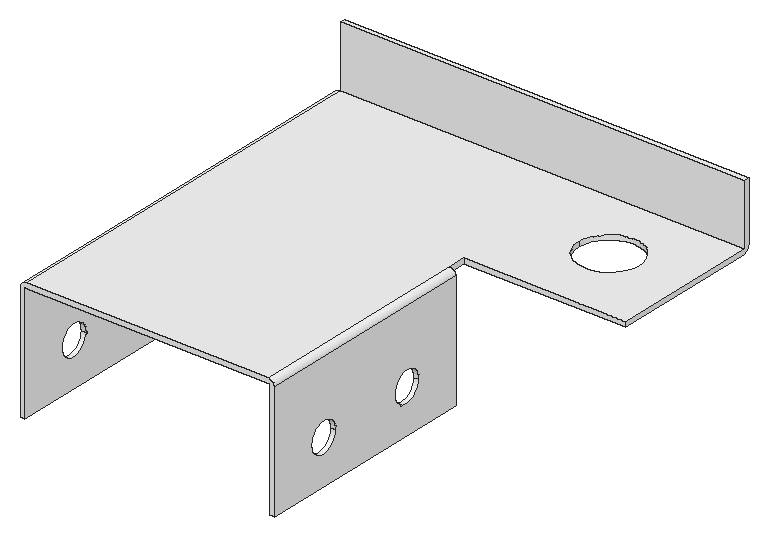
Revit family "newsqhanger_4020", category 機械設備, Revit 2022
Family settings
  丸型コネクタ寸法 = 直径を使用
  種別 = なし
  パーツ タイプ = 標準
  作業面ベース = いいえ
  常に垂直 = はい
  ロード時にボイドで切り取り = いいえ
  注釈の向きを維持 = いいえ
  共有 = いいえ
  部屋計算ポイント = いいえ
Parameters
  製造元 = "株式会社桐井製作所"
  既定の高さ = 0 mm
  URL = "https://www.kirii.co.jp/"
  K_材質 = "溶融亜鉛めっき鋼板"
  K_品名 = "新SQハンガー4020用"
  K_名称 = "SQ-BAR関連部材"
  K_入数 = "200"
  K_バージョン情報 = "20210524"
Reference planes
  plane 1 "中心(正面/背面)": y = 0
  plane 2: z = 0
  plane 3 "中心(左/右)": x = 0
Forms (mm)
  Extrusion 1, void
    sketch origin (0, 0, 0) x (1, 0, 0) y (0, 1, 0)
      loop
        line (8.8, 19.2) -> (8.8, -20.8) -> (35.25, -20.8) -> (35.25, 19.2) -> (8.8, 19.2)
    from 0 to 0.8
  Extrusion 2, solid
    sketch origin (-11, 14.25, 0) x (1, 0, 0) y (0, 0, 1)
      loop
        arc (20.8, -0.2) -> (20.507, 0.507) -> (19.8, 0.8) r 1
        line (19.8, 0.8) -> (18.952, 0.8) -> (18.952, 0) -> (20, 0) -> (20, -19.2) -> (20.8, -19.2) -> (20.8, -0.2)
    from -1.95 to 35.05
  Extrusion 3, solid
    sketch origin (0, 0, 0) x (1, 0, 0) y (0, 0, 1)
      loop
        line (-31, -19.2) -> (-31, 0) -> (35.25, 0) -> (35.25, 0.8) -> (-30.8, 0.8)
        arc (-30.8, 0.8) -> (-31.507, 0.507) -> (-31.8, -0.2) r 1
        line (-31.8, -0.2) -> (-31.8, -19.2) -> (-31, -19.2)
    from -43.4 to 20.8
  Extrusion 4, void
    sketch origin (0, 0, 0) x (1, 0, 0) y (0, 1, 0)
      loop
        circle (22.55, 31.7) r 5
    from 0 to 0.8
  Extrusion 5, void
    sketch origin (0, 0, 0) x (0, 1, 0) y (0, 0, 1)
      loop
        circle (6.2, -12) r 2.5
      loop
        circle (-10.8, -12) r 2.5
    from 10.115 to 8.8
  Extrusion 6, void
    sketch origin (0, 0, 0) x (0, 1, 0) y (0, 0, 1)
      loop
        circle (-10.8, -12) r 2.5
      loop
        circle (33.2, -12) r 2.5
    from -32 to -30.75
  Extrusion 7, solid
    sketch origin (0, 22.478, 0) x (0, -1, 0) y (0, 0, -1)
      loop
        line (-21.8, -10.8) -> (-21, -10.8) -> (-21, -0.8) -> (-19.562, -0.8) -> (-19.562, 0) -> (-20.8, 0)
        arc (-20.8, 0) -> (-21.507, -0.293) -> (-21.8, -1) r 1
        line (-21.8, -1) -> (-21.8, -10.8)
    from -30.8 to 35.25
Cuts and joins
  Extrusion 4, Extrusion 5, Extrusion 6 cuts Extrusion 2
  Extrusion 1, Extrusion 4, Extrusion 5, Extrusion 6 cuts Extrusion 3
  joined: Extrusion 2, Extrusion 3, Extrusion 7
Dimensions and locks
  aligned and locked: level to plane 2
